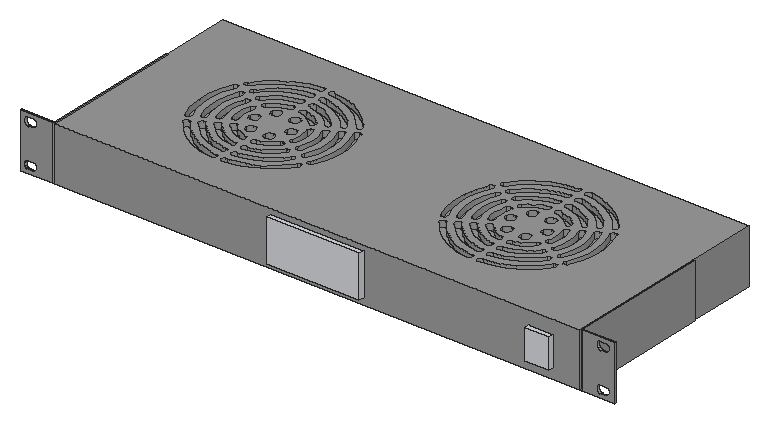
Revit family "ITK 19 вентиляционный модуль 1U 2 вентилятора с цифровым термостатом", category Электрооборудование, Revit 2016
Family settings
  Тип детали = Другая панель
  Размер круглого соединителя = Использовать диаметр
  На основе рабочей плоскости = Нет
  Всегда вертикально = Да
  При загрузке вырезать с полостями = Нет
  Общий = Нет
  Точка расчета площади = Нет
Parameters (values of type "FM05-1U2TS")
  Ширина = 482.5 mm
  Описание = "Потолочные вентиляторные панели предназначены для установки и использования в серверных шкафах LINEA S для организации принудительного охлаждения и вентиляции установленного в них активного оборудования и вывода из шкафа горячего воздуха.\r\n\r\nПотолочные панели имеют два или четыре вентиляторных модуля и в зависимости от модели могут оснащаться биметаллическим термостатом (тип NO).\r\nДиапазон регулировки температуры термостата: от 0 до 60°С.\r\nНоминальное рабочее напряжение: 230В. Частота тока: 50Гц.\r\nМинимальный срок службы: 50 тыс. часов.\r\nПодача рабочего напряжения на вентиляторную панель осуществляется через встроенный разъем питания С14 10А/250В. \r\n\r\nВнимание! Кабель электропитания для подключения к сети в комплект поставки не входит.\r\n\r\nВентиляторные панели устанавливаются в крыше шкафа на специально предусмотренное посадочное место и не занимают полезной высоты 19-дюймовых монтажных профилей. Корпус панели предусматривает организацию защитного заземления.\r\nВ шкаф LINEA S можно установить только одну вентиляторную панель на 2 или на 4 модуля.\r\nСовместимы со всеми 19-дюймовым шкафами и стойками ITK.\r\nОбладают современным привлекательным дизайном и продуманной конструкцией.\r\nУдобны в монтаже и эксплуатации.\r\nСоответствие международным стандартам ISO9001, IEC 297, ISO/IEC 11801. \r\nСертифицированы по ГОСТ Р.\r\nВсе аксессуары идут с крепежом.\r\nВозможно исполнение в двух цветах: серый (RAL7035) и черный (RAL9005).\r\nВсегда в наличии на складе.\r\nГарантия на все аксессуары до 2-х лет"  # constant formula
  Материал = Окраска - RAL 9005
  Комментарии к типоразмеру = "FM05-1U2TS"
  Изготовитель = "ITK"  # constant formula
  Глубина = 171 mm
  Высота = 44 mm
  URL = "http://www.itk-group.ru/produktsiya/catalog/?page=section&id=570"
  ADSK_Ток = ADSK_Номинальная мощность / (ADSK_Коэффициент мощности * ADSK_Напряжение * sqrt(ADSK_Количество фаз числовое))  # 0 A
  ADSK_Примечание = ""
  ADSK_Полная мощность = ADSK_Номинальная мощность / ADSK_Коэффициент мощности  # 0 VA
  ADSK_Позиция [instance] = ""
  ADSK_Номинальная мощность = 0 W
  ADSK_Напряжение = 220 V
  ADSK_Наименование краткое = "FM05-1U2TS"
  ADSK_Наименование = "ITK 19\" вентил. модуль 1U 2 вентилятора с цифровым термостатом"
  ADSK_Масса = 0
  ADSK_Марка = "FM05-1U2TS"
  ADSK_Коэффициент мощности = 1
  ADSK_Количество фаз числовое = 1
  ADSK_Количество фаз = 1
  ADSK_Код изделия = ""
  ADSK_Классификация нагрузок = Прочее
  ADSK_Завод-изготовитель = "IEK"
  ADSK_Единица измерения = "шт"
  ADSK_Группирование = ""
Reference planes
  plane 1 "По центру (Вперед/Назад)": y = 0
  plane 2: z = 0
  plane 3 "По центру (Влево/Вправо)": x = 0
  plane 4: x = -241.25
  plane 5: x = 241.25
  plane 6: z = 44
  plane 7: y = 171
Forms (mm)
  Extrusion 1, solid, material "Окраска - RAL 9005" <- "Материал", detail levels fine
    sketch origin (-1511.359, -1384.5, 1660) x (-1, 0, 0) y (0, -1, 0)
      loop
        line (-1270.109, -1386) -> (-1270.109, -1384.5) -> (-1296.109, -1384.5)
        arc (-1296.109, -1384.5) -> (-1297.523, -1385.086) -> (-1298.109, -1386.5) r 2
        line (-1298.109, -1386.5) -> (-1298.109, -1499.5) -> (-1296.609, -1499.5) -> (-1296.609, -1386.5)
        arc (-1296.609, -1386.5) -> (-1296.463, -1386.146) -> (-1296.109, -1386) r 0.5
        line (-1296.109, -1386) -> (-1270.109, -1386)
      loop
        line (-1752.609, -1386) -> (-1726.609, -1386)
        arc (-1726.609, -1386) -> (-1726.256, -1386.146) -> (-1726.109, -1386.5) r 0.5
        line (-1726.109, -1386.5) -> (-1726.109, -1499.5) -> (-1724.609, -1499.5) -> (-1724.609, -1386.5)
        arc (-1724.609, -1386.5) -> (-1725.195, -1385.086) -> (-1726.609, -1384.5) r 2
        line (-1726.609, -1384.5) -> (-1752.609, -1384.5) -> (-1752.609, -1386)
    from -1660 to -1616
  Extrusion 2, solid, material "Окраска - RAL 9005" <- "Материал", detail levels fine
    sketch origin (0, 139.5, 0) x (1, 0, 0) y (0, 1, 0)
      loop
        line (-213.25, 31.5) -> (-213.25, -139.5) -> (213.25, -139.5) -> (213.25, 31.5) -> (-213.25, 31.5)
    from 0 to 44
  Extrusion 3, void
    sketch origin (-2000, 0, 1200) x (1, 0, 0) y (0, 0, -1)
      loop
        line (1769, 1165.475) -> (1766, 1165.475)
        arc (1766, 1165.475) -> (1762.5, 1161.975) -> (1766, 1158.475) r 3.5
        line (1766, 1158.475) -> (1769, 1158.475)
        arc (1769, 1158.475) -> (1772.5, 1161.975) -> (1769, 1165.475) r 3.5
      loop
        line (1769, 1197.225) -> (1766, 1197.225)
        arc (1766, 1197.225) -> (1762.5, 1193.725) -> (1766, 1190.225) r 3.5
        line (1766, 1190.225) -> (1769, 1190.225)
        arc (1769, 1190.225) -> (1772.5, 1193.725) -> (1769, 1197.225) r 3.5
      loop
        line (2234, 1197.225) -> (2231, 1197.225)
        arc (2231, 1197.225) -> (2227.5, 1193.725) -> (2231, 1190.225) r 3.5
        line (2231, 1190.225) -> (2234, 1190.225)
        arc (2234, 1190.225) -> (2237.5, 1193.725) -> (2234, 1197.225) r 3.5
      loop
        line (2234, 1165.475) -> (2231, 1165.475)
        arc (2231, 1165.475) -> (2227.5, 1161.975) -> (2231, 1158.475) r 3.5
        line (2231, 1158.475) -> (2234, 1158.475)
        arc (2234, 1158.475) -> (2237.5, 1161.975) -> (2234, 1165.475) r 3.5
    from 0 to 250
  Extrusion 4, solid, detail levels fine
    sketch origin (-2000, 0, 1200) x (-1, 0, 0) y (0, 0, -1)
      loop
        line (-1962.5, 1160.45) -> (-1962.5, 1194.45) -> (-2037.5, 1194.45) -> (-2037.5, 1160.45) -> (-1962.5, 1160.45)
      loop
        line (-2172.1, 1167.35) -> (-2172.1, 1191.35) -> (-2191.6, 1191.35) -> (-2191.6, 1167.35) -> (-2172.1, 1167.35)
    from 0 to 4.4
  Extrusion 5, void
    sketch origin (0, 139.5, 0) x (1, 0, 0) y (0, 1, 0)
      loop
        arc (-52.018, -79.079) -> (-46.5, -54.5) -> (-52.018, -29.921) r 57.5
        arc (-52.018, -29.921) -> (-55.347, -28.729) -> (-56.538, -32.058) r 2.5
        arc (-56.538, -32.058) -> (-51.5, -54.5) -> (-56.538, -76.942) r 52.5
        arc (-56.538, -76.942) -> (-55.347, -80.271) -> (-52.018, -79.079) r 2.5
      loop
        arc (-99.295, -111.807) -> (-75.25, -104.296) -> (-56.723, -87.228) r 57.5
        arc (-56.723, -87.228) -> (-57.355, -83.749) -> (-60.834, -84.382) r 2.5
        arc (-60.834, -84.382) -> (-77.75, -99.966) -> (-99.705, -106.824) r 52.5
        arc (-99.705, -106.824) -> (-101.992, -109.52) -> (-99.295, -111.807) r 2.5
      loop
        arc (-151.277, -87.228) -> (-132.75, -104.296) -> (-108.705, -111.807) r 57.5
        arc (-108.705, -111.807) -> (-106.008, -109.52) -> (-108.295, -106.824) r 2.5
        arc (-108.295, -106.824) -> (-130.25, -99.966) -> (-147.166, -84.382) r 52.5
        arc (-147.166, -84.382) -> (-150.645, -83.749) -> (-151.277, -87.228) r 2.5
      loop
        arc (-155.982, -29.921) -> (-161.5, -54.5) -> (-155.982, -79.079) r 57.5
        arc (-155.982, -79.079) -> (-152.653, -80.271) -> (-151.462, -76.942) r 2.5
        arc (-151.462, -76.942) -> (-156.5, -54.5) -> (-151.462, -32.058) r 52.5
        arc (-151.462, -32.058) -> (-152.653, -28.729) -> (-155.982, -29.921) r 2.5
      loop
        arc (-108.705, 2.807) -> (-132.75, -4.704) -> (-151.277, -21.772) r 57.5
        arc (-151.277, -21.772) -> (-150.645, -25.251) -> (-147.166, -24.618) r 2.5
        arc (-147.166, -24.618) -> (-130.25, -9.034) -> (-108.295, -2.176) r 52.5
        arc (-108.295, -2.176) -> (-106.008, 0.52) -> (-108.705, 2.807) r 2.5
      loop
        arc (-60.834, -24.618) -> (-57.355, -25.251) -> (-56.723, -21.772) r 2.5
        arc (-56.723, -21.772) -> (-75.25, -4.704) -> (-99.295, 2.807) r 57.5
        arc (-99.295, 2.807) -> (-101.992, 0.52) -> (-99.705, -2.176) r 2.5
        arc (-99.705, -2.176) -> (-77.75, -9.034) -> (-60.834, -24.618) r 52.5
      loop
        arc (-78.177, -34.766) -> (-74.673, -35.235) -> (-74.204, -31.73) r 2.5
        arc (-74.204, -31.73) -> (-85.25, -22.024) -> (-99.179, -17.311) r 37.5
        arc (-99.179, -17.311) -> (-101.979, -19.469) -> (-99.821, -22.27) r 2.5
        arc (-99.821, -22.27) -> (-87.75, -26.354) -> (-78.177, -34.766) r 32.5
      loop
        arc (-108.179, -22.27) -> (-106.021, -19.469) -> (-108.821, -17.311) r 2.5
        arc (-108.821, -17.311) -> (-122.75, -22.024) -> (-133.796, -31.73) r 37.5
        arc (-133.796, -31.73) -> (-133.327, -35.235) -> (-129.823, -34.766) r 2.5
        arc (-129.823, -34.766) -> (-120.25, -26.354) -> (-108.179, -22.27) r 32.5
      loop
        arc (-134.002, -42.004) -> (-135.348, -38.735) -> (-138.617, -40.081) r 2.5
        arc (-138.617, -40.081) -> (-141.5, -54.5) -> (-138.617, -68.919) r 37.5
        arc (-138.617, -68.919) -> (-135.348, -70.265) -> (-134.002, -66.996) r 2.5
        arc (-134.002, -66.996) -> (-136.5, -54.5) -> (-134.002, -42.004) r 32.5
      loop
        arc (-129.823, -74.234) -> (-133.327, -73.765) -> (-133.796, -77.27) r 2.5
        arc (-133.796, -77.27) -> (-122.75, -86.976) -> (-108.821, -91.689) r 37.5
        arc (-108.821, -91.689) -> (-106.021, -89.531) -> (-108.179, -86.73) r 2.5
        arc (-108.179, -86.73) -> (-120.25, -82.646) -> (-129.823, -74.234) r 32.5
      loop
        arc (-99.95, -76.632) -> (-101.959, -79.542) -> (-99.05, -81.551) r 2.5
        arc (-99.05, -81.551) -> (-90.25, -78.316) -> (-83.048, -72.312) r 27.5
        arc (-83.048, -72.312) -> (-83.334, -68.788) -> (-86.858, -69.074) r 2.5
        arc (-86.858, -69.074) -> (-92.75, -73.986) -> (-99.95, -76.632) r 22.5
      loop
        arc (-82.808, -62.059) -> (-81.293, -65.253) -> (-78.098, -63.739) r 2.5
        arc (-78.098, -63.739) -> (-76.5, -54.5) -> (-78.098, -45.261) r 27.5
        arc (-78.098, -45.261) -> (-81.293, -43.747) -> (-82.808, -46.941) r 2.5
        arc (-82.808, -46.941) -> (-81.5, -54.5) -> (-82.808, -62.059) r 22.5
      loop
        arc (-73.998, -66.996) -> (-72.652, -70.265) -> (-69.383, -68.919) r 2.5
        arc (-69.383, -68.919) -> (-66.5, -54.5) -> (-69.383, -40.081) r 37.5
        arc (-69.383, -40.081) -> (-72.652, -38.735) -> (-73.998, -42.004) r 2.5
        arc (-73.998, -42.004) -> (-71.5, -54.5) -> (-73.998, -66.996) r 32.5
      loop
        arc (-65.253, -71.963) -> (-64.001, -75.269) -> (-60.695, -74.017) r 2.5
        arc (-60.695, -74.017) -> (-56.5, -54.5) -> (-60.695, -34.983) r 47.5
        arc (-60.695, -34.983) -> (-64.001, -33.731) -> (-65.253, -37.037) r 2.5
        arc (-65.253, -37.037) -> (-61.5, -54.5) -> (-65.253, -71.963) r 42.5
      loop
        arc (-69.503, -29.676) -> (-66.014, -30.245) -> (-65.445, -26.755) r 2.5
        arc (-65.445, -26.755) -> (-80.25, -13.364) -> (-99.25, -7.238) r 47.5
        arc (-99.25, -7.238) -> (-101.987, -9.476) -> (-99.75, -12.213) r 2.5
        arc (-99.75, -12.213) -> (-82.75, -17.694) -> (-69.503, -29.676) r 42.5
      loop
        arc (-108.25, -12.213) -> (-106.013, -9.476) -> (-108.75, -7.238) r 2.5
        arc (-108.75, -7.238) -> (-127.75, -13.364) -> (-142.555, -26.755) r 47.5
        arc (-142.555, -26.755) -> (-141.986, -30.245) -> (-138.497, -29.676) r 2.5
        arc (-138.497, -29.676) -> (-125.25, -17.694) -> (-108.25, -12.213) r 42.5
      loop
        arc (-142.747, -37.037) -> (-143.999, -33.731) -> (-147.305, -34.983) r 2.5
        arc (-147.305, -34.983) -> (-151.5, -54.5) -> (-147.305, -74.017) r 47.5
        arc (-147.305, -74.017) -> (-143.999, -75.269) -> (-142.747, -71.963) r 2.5
        arc (-142.747, -71.963) -> (-146.5, -54.5) -> (-142.747, -37.037) r 42.5
      loop
        arc (-138.497, -79.324) -> (-141.986, -78.755) -> (-142.555, -82.245) r 2.5
        arc (-142.555, -82.245) -> (-127.75, -95.636) -> (-108.75, -101.762) r 47.5
        arc (-108.75, -101.762) -> (-106.013, -99.524) -> (-108.25, -96.787) r 2.5
        arc (-108.25, -96.787) -> (-125.25, -91.306) -> (-138.497, -79.324) r 42.5
      loop
        arc (-99.25, -101.762) -> (-80.25, -95.636) -> (-65.445, -82.245) r 47.5
        arc (-65.445, -82.245) -> (-66.014, -78.755) -> (-69.503, -79.324) r 2.5
        arc (-69.503, -79.324) -> (-82.75, -91.306) -> (-99.75, -96.787) r 42.5
        arc (-99.75, -96.787) -> (-101.987, -99.524) -> (-99.25, -101.762) r 2.5
      loop
        arc (-99.179, -91.689) -> (-85.25, -86.976) -> (-74.204, -77.27) r 37.5
        arc (-74.204, -77.27) -> (-74.673, -73.765) -> (-78.177, -74.234) r 2.5
        arc (-78.177, -74.234) -> (-87.75, -82.646) -> (-99.821, -86.73) r 32.5
        arc (-99.821, -86.73) -> (-101.979, -89.531) -> (-99.179, -91.689) r 2.5
      loop
        circle (-111.5, -67.49) r 4
      loop
        circle (-96.5, -67.49) r 4
      loop
        circle (-89, -54.5) r 4
      loop
        circle (-96.5, -41.51) r 4
      loop
        arc (-108.05, -32.368) -> (-106.041, -29.458) -> (-108.95, -27.449) r 2.5
        arc (-108.95, -27.449) -> (-117.75, -30.684) -> (-124.952, -36.688) r 27.5
        arc (-124.952, -36.688) -> (-124.666, -40.212) -> (-121.142, -39.926) r 2.5
        arc (-121.142, -39.926) -> (-115.25, -35.014) -> (-108.05, -32.368) r 22.5
      loop
        arc (-121.142, -69.074) -> (-124.666, -68.788) -> (-124.952, -72.312) r 2.5
        arc (-124.952, -72.312) -> (-117.75, -78.316) -> (-108.95, -81.551) r 27.5
        arc (-108.95, -81.551) -> (-106.041, -79.542) -> (-108.05, -76.632) r 2.5
        arc (-108.05, -76.632) -> (-115.25, -73.986) -> (-121.142, -69.074) r 22.5
      loop
        arc (-86.858, -39.926) -> (-83.334, -40.212) -> (-83.048, -36.688) r 2.5
        arc (-83.048, -36.688) -> (-90.25, -30.684) -> (-99.05, -27.449) r 27.5
        arc (-99.05, -27.449) -> (-101.959, -29.458) -> (-99.95, -32.368) r 2.5
        arc (-99.95, -32.368) -> (-92.75, -35.014) -> (-86.858, -39.926) r 22.5
      loop
        circle (-111.5, -41.51) r 4
      loop
        arc (-125.192, -46.941) -> (-126.707, -43.747) -> (-129.902, -45.261) r 2.5
        arc (-129.902, -45.261) -> (-131.5, -54.5) -> (-129.902, -63.739) r 27.5
        arc (-129.902, -63.739) -> (-126.707, -65.253) -> (-125.192, -62.059) r 2.5
        arc (-125.192, -62.059) -> (-126.5, -54.5) -> (-125.192, -46.941) r 22.5
      loop
        circle (-119, -54.5) r 4
      loop
        arc (56.723, -87.228) -> (75.25, -104.296) -> (99.295, -111.807) r 57.5
        arc (99.295, -111.807) -> (101.992, -109.52) -> (99.705, -106.824) r 2.5
        arc (99.705, -106.824) -> (77.75, -99.966) -> (60.834, -84.382) r 52.5
        arc (60.834, -84.382) -> (57.355, -83.749) -> (56.723, -87.228) r 2.5
      loop
        arc (108.705, -111.807) -> (132.75, -104.296) -> (151.277, -87.228) r 57.5
        arc (151.277, -87.228) -> (150.645, -83.749) -> (147.166, -84.382) r 2.5
        arc (147.166, -84.382) -> (130.25, -99.966) -> (108.295, -106.824) r 52.5
        arc (108.295, -106.824) -> (106.008, -109.52) -> (108.705, -111.807) r 2.5
      loop
        arc (155.982, -79.079) -> (161.5, -54.5) -> (155.982, -29.921) r 57.5
        arc (155.982, -29.921) -> (152.653, -28.729) -> (151.462, -32.058) r 2.5
        arc (151.462, -32.058) -> (156.5, -54.5) -> (151.462, -76.942) r 52.5
        arc (151.462, -76.942) -> (152.653, -80.271) -> (155.982, -79.079) r 2.5
      loop
        arc (151.277, -21.772) -> (132.75, -4.704) -> (108.705, 2.807) r 57.5
        arc (108.705, 2.807) -> (106.008, 0.52) -> (108.295, -2.176) r 2.5
        arc (108.295, -2.176) -> (130.25, -9.034) -> (147.166, -24.618) r 52.5
        arc (147.166, -24.618) -> (150.645, -25.251) -> (151.277, -21.772) r 2.5
      loop
        arc (99.295, 2.807) -> (75.25, -4.704) -> (56.723, -21.772) r 57.5
        arc (56.723, -21.772) -> (57.355, -25.251) -> (60.834, -24.618) r 2.5
        arc (60.834, -24.618) -> (77.75, -9.034) -> (99.705, -2.176) r 52.5
        arc (99.705, -2.176) -> (101.992, 0.52) -> (99.295, 2.807) r 2.5
      loop
        arc (52.018, -29.921) -> (46.5, -54.5) -> (52.018, -79.079) r 57.5
        arc (52.018, -79.079) -> (55.347, -80.271) -> (56.538, -76.942) r 2.5
        arc (56.538, -76.942) -> (51.5, -54.5) -> (56.538, -32.058) r 52.5
        arc (56.538, -32.058) -> (55.347, -28.729) -> (52.018, -29.921) r 2.5
      loop
        arc (65.253, -37.037) -> (64.001, -33.731) -> (60.695, -34.983) r 2.5
        arc (60.695, -34.983) -> (56.5, -54.5) -> (60.695, -74.017) r 47.5
        arc (60.695, -74.017) -> (64.001, -75.269) -> (65.253, -71.963) r 2.5
        arc (65.253, -71.963) -> (61.5, -54.5) -> (65.253, -37.037) r 42.5
      loop
        arc (73.998, -42.004) -> (72.652, -38.735) -> (69.383, -40.081) r 2.5
        arc (69.383, -40.081) -> (66.5, -54.5) -> (69.383, -68.919) r 37.5
        arc (69.383, -68.919) -> (72.652, -70.265) -> (73.998, -66.996) r 2.5
        arc (73.998, -66.996) -> (71.5, -54.5) -> (73.998, -42.004) r 32.5
      loop
        arc (82.808, -46.941) -> (81.293, -43.747) -> (78.098, -45.261) r 2.5
        arc (78.098, -45.261) -> (76.5, -54.5) -> (78.098, -63.739) r 27.5
        arc (78.098, -63.739) -> (81.293, -65.253) -> (82.808, -62.059) r 2.5
        arc (82.808, -62.059) -> (81.5, -54.5) -> (82.808, -46.941) r 22.5
      loop
        arc (86.858, -69.074) -> (83.334, -68.788) -> (83.048, -72.312) r 2.5
        arc (83.048, -72.312) -> (90.25, -78.316) -> (99.05, -81.551) r 27.5
        arc (99.05, -81.551) -> (101.959, -79.542) -> (99.95, -76.632) r 2.5
        arc (99.95, -76.632) -> (92.75, -73.986) -> (86.858, -69.074) r 22.5
      loop
        arc (78.177, -74.234) -> (74.673, -73.765) -> (74.204, -77.27) r 2.5
        arc (74.204, -77.27) -> (85.25, -86.976) -> (99.179, -91.689) r 37.5
        arc (99.179, -91.689) -> (101.979, -89.531) -> (99.821, -86.73) r 2.5
        arc (99.821, -86.73) -> (87.75, -82.646) -> (78.177, -74.234) r 32.5
      loop
        arc (69.503, -79.324) -> (66.014, -78.755) -> (65.445, -82.245) r 2.5
        arc (65.445, -82.245) -> (80.25, -95.636) -> (99.25, -101.762) r 47.5
        arc (99.25, -101.762) -> (101.987, -99.524) -> (99.75, -96.787) r 2.5
        arc (99.75, -96.787) -> (82.75, -91.306) -> (69.503, -79.324) r 42.5
      loop
        arc (108.75, -101.762) -> (127.75, -95.636) -> (142.555, -82.245) r 47.5
        arc (142.555, -82.245) -> (141.986, -78.755) -> (138.497, -79.324) r 2.5
        arc (138.497, -79.324) -> (125.25, -91.306) -> (108.25, -96.787) r 42.5
        arc (108.25, -96.787) -> (106.013, -99.524) -> (108.75, -101.762) r 2.5
      loop
        arc (108.821, -91.689) -> (122.75, -86.976) -> (133.796, -77.27) r 37.5
        arc (133.796, -77.27) -> (133.327, -73.765) -> (129.823, -74.234) r 2.5
        arc (129.823, -74.234) -> (120.25, -82.646) -> (108.179, -86.73) r 32.5
        arc (108.179, -86.73) -> (106.021, -89.531) -> (108.821, -91.689) r 2.5
      loop
        arc (108.95, -81.551) -> (117.75, -78.316) -> (124.952, -72.312) r 27.5
        arc (124.952, -72.312) -> (124.666, -68.788) -> (121.142, -69.074) r 2.5
        arc (121.142, -69.074) -> (115.25, -73.986) -> (108.05, -76.632) r 22.5
        arc (108.05, -76.632) -> (106.041, -79.542) -> (108.95, -81.551) r 2.5
      loop
        arc (99.95, -32.368) -> (101.959, -29.458) -> (99.05, -27.449) r 2.5
        arc (99.05, -27.449) -> (90.25, -30.684) -> (83.048, -36.688) r 27.5
        arc (83.048, -36.688) -> (83.334, -40.212) -> (86.858, -39.926) r 2.5
        arc (86.858, -39.926) -> (92.75, -35.014) -> (99.95, -32.368) r 22.5
      loop
        arc (99.821, -22.27) -> (101.979, -19.469) -> (99.179, -17.311) r 2.5
        arc (99.179, -17.311) -> (85.25, -22.024) -> (74.204, -31.73) r 37.5
        arc (74.204, -31.73) -> (74.673, -35.235) -> (78.177, -34.766) r 2.5
        arc (78.177, -34.766) -> (87.75, -26.354) -> (99.821, -22.27) r 32.5
      loop
        arc (99.75, -12.213) -> (101.987, -9.476) -> (99.25, -7.238) r 2.5
        arc (99.25, -7.238) -> (80.25, -13.364) -> (65.445, -26.755) r 47.5
        arc (65.445, -26.755) -> (66.014, -30.245) -> (69.503, -29.676) r 2.5
        arc (69.503, -29.676) -> (82.75, -17.694) -> (99.75, -12.213) r 42.5
      loop
        arc (138.497, -29.676) -> (141.986, -30.245) -> (142.555, -26.755) r 2.5
        arc (142.555, -26.755) -> (127.75, -13.364) -> (108.75, -7.238) r 47.5
        arc (108.75, -7.238) -> (106.013, -9.476) -> (108.25, -12.213) r 2.5
        arc (108.25, -12.213) -> (125.25, -17.694) -> (138.497, -29.676) r 42.5
      loop
        arc (129.823, -34.766) -> (133.327, -35.235) -> (133.796, -31.73) r 2.5
        arc (133.796, -31.73) -> (122.75, -22.024) -> (108.821, -17.311) r 37.5
        arc (108.821, -17.311) -> (106.021, -19.469) -> (108.179, -22.27) r 2.5
        arc (108.179, -22.27) -> (120.25, -26.354) -> (129.823, -34.766) r 32.5
      loop
        arc (121.142, -39.926) -> (124.666, -40.212) -> (124.952, -36.688) r 2.5
        arc (124.952, -36.688) -> (117.75, -30.684) -> (108.95, -27.449) r 27.5
        arc (108.95, -27.449) -> (106.041, -29.458) -> (108.05, -32.368) r 2.5
        arc (108.05, -32.368) -> (115.25, -35.014) -> (121.142, -39.926) r 22.5
      loop
        circle (89, -54.5) r 4
      loop
        circle (111.5, -67.49) r 4
      loop
        circle (119, -54.5) r 4
      loop
        circle (111.5, -41.51) r 4
      loop
        circle (96.5, -41.51) r 4
      loop
        circle (96.5, -67.49) r 4
      loop
        arc (125.192, -62.059) -> (126.707, -65.253) -> (129.902, -63.739) r 2.5
        arc (129.902, -63.739) -> (131.5, -54.5) -> (129.902, -45.261) r 27.5
        arc (129.902, -45.261) -> (126.707, -43.747) -> (125.192, -46.941) r 2.5
        arc (125.192, -46.941) -> (126.5, -54.5) -> (125.192, -62.059) r 22.5
      loop
        arc (138.617, -68.919) -> (141.5, -54.5) -> (138.617, -40.081) r 37.5
        arc (138.617, -40.081) -> (135.348, -38.735) -> (134.002, -42.004) r 2.5
        arc (134.002, -42.004) -> (136.5, -54.5) -> (134.002, -66.996) r 32.5
        arc (134.002, -66.996) -> (135.348, -70.265) -> (138.617, -68.919) r 2.5
      loop
        arc (147.305, -74.017) -> (151.5, -54.5) -> (147.305, -34.983) r 47.5
        arc (147.305, -34.983) -> (143.999, -33.731) -> (142.747, -37.037) r 2.5
        arc (142.747, -37.037) -> (146.5, -54.5) -> (142.747, -71.963) r 42.5
        arc (142.747, -71.963) -> (143.999, -75.269) -> (147.305, -74.017) r 2.5
    from 39.55 to 44
Cuts and joins
  Extrusion 3 cuts Extrusion 1
  Extrusion 5 cuts Extrusion 2
Dimensions and locks
  "Высота": plane 6 to plane 2
  equal spacing: plane 4, plane 3 "По центру (Влево/Вправо)", plane 5
  "Ширина": plane 4 to plane 5
  "Глубина": plane 1 "По центру (Вперед/Назад)" to plane 7
  aligned and locked: level to plane 2
  aligned and locked: plane 4 to Extrusion 1 sketch curve
Automatic sketch dimensions
  Extrusion 1 sketch curve to Extrusion 1 sketch curve = 0 mm  (x5)
  Extrusion 1 sketch curve to plane 5 = 0 mm
  Extrusion 2 sketch curve to plane 1 "По центру (Вперед/Назад)" = 171 mm
  Extrusion 3 sketch curve to plane 4 = 7.25 mm  (x2)
  Extrusion 3 sketch curve to Extrusion 3 sketch curve = 3 mm  (x4)
  Extrusion 3 sketch curve to Extrusion 3 sketch curve = 3.5 mm  (x4)
  Extrusion 3 sketch curve to plane 5 = 10.25 mm  (x2)
  Extrusion 4 sketch curve to Extrusion 4 sketch curve = 19.5 mm
  plane 6 to Extrusion 4 sketch curve = 4.45 mm
  Extrusion 4 sketch curve to plane 3 "По центру (Влево/Вправо)" = 37.5 mm
  plane 3 "По центру (Влево/Вправо)" to Extrusion 4 sketch curve = 37.5 mm
  Extrusion 5 sketch curve to Extrusion 5 sketch curve = 0 mm  (x1459)
  Extrusion 5 sketch curve to plane 3 "По центру (Влево/Вправо)" = 54.278 mm
  Extrusion 5 sketch curve to Extrusion 5 sketch curve = 2.26 mm  (x5)
  Extrusion 5 sketch curve to Extrusion 5 sketch curve = 42.962 mm  (x2)
  Extrusion 5 sketch curve to Extrusion 5 sketch curve = 4.5 mm  (x14)
  Extrusion 5 sketch curve to Extrusion 5 sketch curve = 7.794 mm  (x8)
  Extrusion 5 sketch curve to Extrusion 5 sketch curve = 0.205 mm  (x13)
  Extrusion 5 sketch curve to Extrusion 5 sketch curve = 9 mm  (x6)
  Extrusion 5 sketch curve to Extrusion 5 sketch curve = 40.722 mm  (x4)
  Extrusion 5 sketch curve to plane 1 "По центру (Вперед/Назад)" = 139.816 mm  (x4)
  Extrusion 5 sketch curve to Extrusion 5 sketch curve = 2.056 mm  (x3)
  Extrusion 5 sketch curve to plane 1 "По центру (Вперед/Назад)" = 137.324 mm  (x2)
  Extrusion 5 sketch curve to Extrusion 5 sketch curve = 15.357 mm  (x2)
  Extrusion 5 sketch curve to Extrusion 5 sketch curve = 17.614 mm  (x2)
  Extrusion 5 sketch curve to Extrusion 5 sketch curve = 0.321 mm  (x10)
  Extrusion 5 sketch curve to Extrusion 5 sketch curve = 1.986 mm  (x6)
  Extrusion 5 sketch curve to Extrusion 5 sketch curve = 15.152 mm
  Extrusion 5 sketch curve to Extrusion 5 sketch curve = 8.984 mm
  Extrusion 5 sketch curve to Extrusion 5 sketch curve = 8.679 mm
  Extrusion 5 sketch curve to Extrusion 5 sketch curve = 14.547 mm  (x3)
  Extrusion 5 sketch curve to Extrusion 5 sketch curve = 7.639 mm  (x6)
  Extrusion 5 sketch curve to Extrusion 5 sketch curve = 8.399 mm  (x2)
  Extrusion 5 sketch curve to Extrusion 5 sketch curve = 0.45 mm  (x6)
  Extrusion 5 sketch curve to Extrusion 5 sketch curve = 6.405 mm  (x5)
  Extrusion 5 sketch curve to Extrusion 5 sketch curve = 2.276 mm
  Extrusion 5 sketch curve to Extrusion 5 sketch curve = 6.175 mm  (x2)
  Extrusion 5 sketch curve to Extrusion 5 sketch curve = 2.355 mm  (x7)
  Extrusion 5 sketch curve to Extrusion 5 sketch curve = 6.408 mm  (x4)
  Extrusion 5 sketch curve to Extrusion 5 sketch curve = 4.219 mm  (x4)
  Extrusion 5 sketch curve to Extrusion 5 sketch curve = 2.308 mm  (x4)
  Extrusion 5 sketch curve to Extrusion 5 sketch curve = 6.436 mm  (x9)
  Extrusion 5 sketch curve to Extrusion 5 sketch curve = 3.952 mm  (x7)
  Extrusion 5 sketch curve to Extrusion 5 sketch curve = 6.64 mm  (x8)
  Extrusion 5 sketch curve to Extrusion 5 sketch curve = 3.598 mm  (x8)
  Extrusion 5 sketch curve to Extrusion 5 sketch curve = 7.55 mm  (x8)
  Extrusion 5 sketch curve to Extrusion 5 sketch curve = 0.25 mm  (x8)
  Extrusion 5 sketch curve to Extrusion 5 sketch curve = 2.029 mm  (x4)
  Extrusion 5 sketch curve to Extrusion 5 sketch curve = 2.279 mm  (x6)
  Extrusion 5 sketch curve to Extrusion 5 sketch curve = 6.687 mm  (x4)
  Extrusion 5 sketch curve to Extrusion 5 sketch curve = 7.577 mm  (x3)
  Extrusion 5 sketch curve to Extrusion 5 sketch curve = 3.572 mm  (x3)
  Extrusion 5 sketch curve to Extrusion 5 sketch curve = 6.776 mm  (x5)
  Extrusion 5 sketch curve to Extrusion 5 sketch curve = 11.55 mm
  Extrusion 5 sketch curve to Extrusion 5 sketch curve = 9.642 mm  (x7)
  Extrusion 5 sketch curve to Extrusion 5 sketch curve = 13.692 mm
  Extrusion 5 sketch curve to Extrusion 5 sketch curve = 6.192 mm  (x4)
  Extrusion 5 sketch curve to Extrusion 5 sketch curve = 9.142 mm  (x3)
  Extrusion 5 sketch curve to Extrusion 5 sketch curve = 1.583 mm  (x3)
  Extrusion 5 sketch curve to Extrusion 5 sketch curve = 7.559 mm  (x3)
  Extrusion 5 sketch curve to Extrusion 5 sketch curve = 1.905 mm  (x5)
  Extrusion 5 sketch curve to Extrusion 5 sketch curve = 3.541 mm  (x4)
  Extrusion 5 sketch curve to Extrusion 5 sketch curve = 6.455 mm  (x4)
  Extrusion 5 sketch curve to Extrusion 5 sketch curve = 4.098 mm  (x2)
  plane 3 "По центру (Влево/Вправо)" to Extrusion 5 sketch curve = 58.778 mm
  Extrusion 5 sketch curve to Extrusion 5 sketch curve = 49.517 mm
  Extrusion 5 sketch curve to Extrusion 5 sketch curve = 6.437 mm  (x4)
  Extrusion 5 sketch curve to Extrusion 5 sketch curve = 4.005 mm
  Extrusion 5 sketch curve to Extrusion 5 sketch curve = 2.145 mm  (x3)
  Extrusion 5 sketch curve to Extrusion 5 sketch curve = 17.033 mm
  Extrusion 5 sketch curve to Extrusion 5 sketch curve = 8.634 mm  (x2)
  Extrusion 5 sketch curve to Extrusion 5 sketch curve = 6.858 mm  (x2)
  Extrusion 5 sketch curve to Extrusion 5 sketch curve = 7.659 mm  (x2)
  Extrusion 5 sketch curve to Extrusion 5 sketch curve = 3.44 mm
  Extrusion 5 sketch curve to Extrusion 5 sketch curve = 3.45 mm  (x4)
  Extrusion 5 sketch curve to Extrusion 5 sketch curve = 2.142 mm
  Extrusion 1 sketch curve to plane 1 "По центру (Вперед/Назад)" = 115 mm  (x2)
  Extrusion 5 sketch curve to Extrusion 5 sketch curve = 17.412 mm
  Extrusion 5 sketch curve to Extrusion 5 sketch curve = 6.73 mm
  Extrusion 5 sketch curve to Extrusion 5 sketch curve = 8.55 mm
  Extrusion 5 sketch curve to plane 1 "По центру (Вперед/Назад)" = 108.511 mm
  Extrusion 5 sketch curve to Extrusion 5 sketch curve = 23.82 mm
  Extrusion 5 sketch curve to Extrusion 5 sketch curve = 5.432 mm
  Extrusion 5 sketch curve to Extrusion 5 sketch curve = 11.601 mm
  Extrusion 1 sketch curve to Extrusion 1 sketch curve = 1.5 mm  (x2)
  Extrusion 1 sketch curve to Extrusion 1 sketch curve = 0.5 mm
  Extrusion 1 sketch curve to Extrusion 1 sketch curve = 113 mm  (x2)
  plane 1 "По центру (Вперед/Назад)" to Extrusion 2 sketch curve = 0 mm
  plane 4 to Extrusion 1 sketch curve = 28 mm
  plane 4 to Extrusion 2 sketch curve = 28 mm
  plane 5 to Extrusion 1 sketch curve = 26 mm
  plane 5 to Extrusion 1 sketch curve = 26.5 mm
  plane 5 to Extrusion 2 sketch curve = 28 mm
  Extrusion 4 sketch curve to plane 5 = 69.15 mm
  Extrusion 3 sketch curve to level = 2.775 mm  (x2)
  plane 6 to Extrusion 3 sketch curve = 9.475 mm  (x2)
  plane 6 to Extrusion 4 sketch curve = 11.35 mm
  Extrusion 4 sketch curve to level = 8.65 mm
  Extrusion 4 sketch curve to level = 5.55 mm
  radius of Extrusion 5 sketch curve = 4 mm  (x12)
Connectors
  electrical at (0, 171, 22), driven by "ADSK_Количество фаз", driven by "ADSK_Классификация нагрузок", driven by "ADSK_Напряжение", driven by "ADSK_Полная мощность", driven by "ADSK_Коэффициент мощности"
    settings: on cut or joined group of Extrusion 2, Extrusion 5, index 1, voltage 220 V, apparent load 0 VA, apparent load phase1 0 VA, apparent load phase2 0 VA, apparent load phase3 0 VA, power factor 1, load classification "Прочее", number of poles 1, system type 31, power factor state 1, is connector primary yes, connector utility no, sub classification motor no, connector description ""
